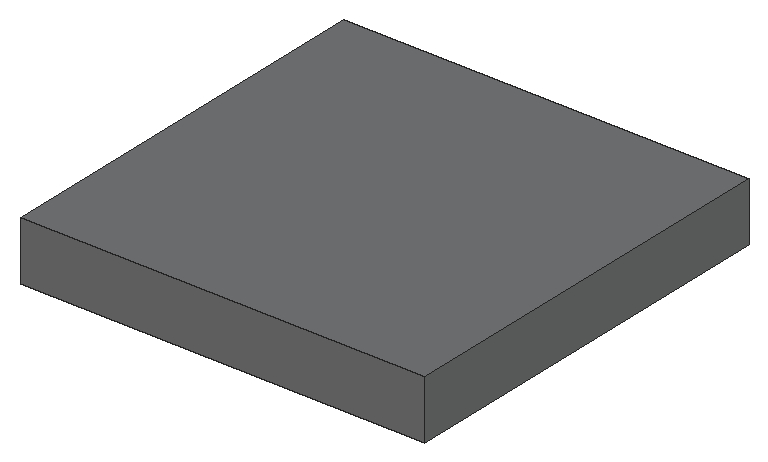
Revit family "Gira_536701", category Electrical Fixtures, host Face, Revit 2017
Family settings
  Host = Face
  Maintain Annotation Orientation = No
  Round Connector Dimension = Use Diameter
  Part Type = Normal
  Cut with Voids When Loaded = No
  Shared = No
  Room Calculation Point = No
Parameters (values of type "S3000 Jal.- + Schaltuhr BT System 55 Cremeweiß")
  Werkstoffgüte = "sonstige"
  Werkstoff = "sonstige"
  URL = "http://katalog.gira.de/de_DE/datenblatt.html?artikelnr=536701"
  Transparent = "No"
  Region = "DE"
  RAL-Nummer (ähnlich) = "1013 "
  Oberfläche = "sonstige"
  Name = "S3000 Jal.- + Schaltuhr BT System 55 Cremeweiß"
  Mit LED-Anzeige = "No"
  Mit Abdeckung = "Yes"
  Manufacturer URL = "https://www.gira.de/"
  Keynote = "Sys55_Abdeckung_Schalten und Tasten"
  HeinzeBIM = "https://bimportal.heinze.de/bim/s3000-jal-schaltuhr-bt-system-55-cremeweiss/6d378664afd2777d072a707781445c486bc11c15"
  Halogenfrei = "Yes"
  HAN = "536701"
  Geeignet für Schalteinsatz = "Yes"
  Geeignet für Jalousieeinsatz = "Yes"
  Geeignet für Dimmeinsatz = "No"
  GTIN = "4010337027508"
  Farbe = "cremeweiß (elektroweiß)"
  Default Elevation = 1219.2 mm
  Data sheet (1) = "https://katalog.gira.de/de_DE/download.html?artikelnr=536701"
  Category = "Bedienelement intelligent"
  Available = "Yes"
  Ausführung der Oberfläche = "glänzend"
  Anzahl der Tasten = "2 "
  Anzahl der Betätigungspunkte = "4 "
  Anwendung = "Steuern elektrischer Verbraucher"
  Anthrazit [instance] = Anthrazit
Reference planes
  plane 1 "Center (Front/Back)": y = 0
  plane 2: z = 0
  plane 3 "Center (Left/Right)": x = 0
Forms (mm)
  Extrusion 1, solid, material "Anthrazit" <- "Anthrazit", detail levels fine
    sketch origin (0, 0, 0) x (1, 0, 0) y (0, 1, 0)
      loop
        line (-27.5, 27.5) -> (-27.5, -27.5) -> (27.5, -27.5) -> (27.5, 27.5) -> (-27.5, 27.5)
    from 0 to 8
  Extrusion 2, void
    sketch origin (0, 0, 0) x (1, 0, 0) y (0, 1, 0)
      loop
        line (26, 26) -> (-26, 26) -> (-26, -26) -> (26, -26) -> (26, 26)
    from 0 to 6
  Extrusion 3, solid, material "Anthrazit" <- "Anthrazit", detail levels medium
    sketch origin (0, 0, 0) x (1, 0, 0) y (0, 1, 0)
      loop
        line (-27.5, 27.5) -> (-27.5, -27.5) -> (27.5, -27.5) -> (27.5, 27.5) -> (-27.5, 27.5)
    from 0 to 8
  Extrusion 4, solid, material "Anthrazit" <- "Anthrazit", detail levels medium
    sketch origin (0, 0, 0) x (1, 0, 0) y (0, 1, 0)
      loop
        line (11, -17.5) -> (11, 17.5) -> (-11, 17.5) -> (-11, -17.5) -> (11, -17.5)
    from -6 to 6
  Extrusion 5, solid, material "Anthrazit" <- "Anthrazit", detail levels fine
    sketch origin (0, 0, 0) x (1, 0, 0) y (0, 1, 0)
      loop
        line (11, 17.5) -> (-11, 17.5) -> (-11, 16.5) -> (11, 16.5) -> (11, 17.5)
      loop
        line (-11, -16.5) -> (-11, -17.5) -> (11, -17.5) -> (11, -16.5) -> (-11, -16.5)
    from -4 to 6
  Extrusion 6, solid, material "Anthrazit" <- "Anthrazit", detail levels fine
    sketch origin (0, 0, 0) x (1, 0, 0) y (0, 1, 0)
      loop
        arc (5, 9.347) -> (0, 10.6) -> (-5, 9.347) r 10.6
        line (-5, 9.347) -> (-5, -9.347)
        arc (-5, -9.347) -> (0, -10.6) -> (5, -9.347) r 10.6
        line (5, -9.347) -> (5, 9.347)
    from -6 to 6
  Extrusion 7, solid, material "Anthrazit" <- "Anthrazit", detail levels coarse
    sketch origin (0, 0, 0) x (1, 0, 0) y (0, 1, 0)
      loop
        line (-27.5, 27.5) -> (-27.5, -27.5) -> (27.5, -27.5) -> (27.5, 27.5) -> (-27.5, 27.5)
    from -6 to 8
Cuts and joins
  Extrusion 2 cuts Extrusion 1
Dimensions and locks
  aligned and locked: plane 2 to host face
  aligned and locked: level to host face
